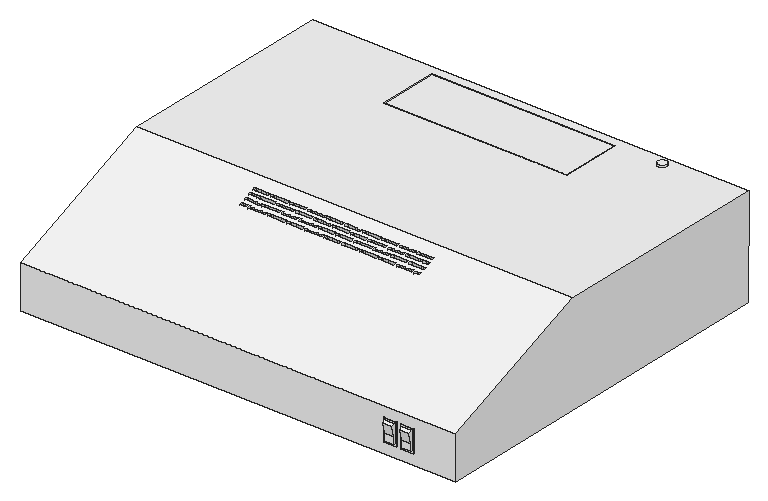
Revit family "QF_Summit_HC24WW_Under Cabinet Convertible Range Hood", category Specialty Equipment, Revit 2020
Family settings
  Round Connector Dimension = Use Diameter
  Part Type = Normal
  Work Plane-Based = No
  Always vertical = Yes
  Cut with Voids When Loaded = No
  Shared = No
  Room Calculation Point = No
Parameters
  Weight in Pounds = 12
  Watts = if(Phase = 3, Volts * FL Amps * 1.73, Volts * FL Amps)  # 195.5 W
  Volts = 115 V
  Ventilation Remarks = "3.25 inches x 10 inches rectangular or 0.86 inches round with transition"
  URL Cutsheet = ""
  Specification by User = ""
  Specification by Manufacturer = ""
  Serial Number = ""
  Seismic Rating = ""
  SMACNA No = ""
  Revision Code = ""
  Phase = 1
  Number of Poles = 1
  NAFEM Spec ID Number = ""
  Model = "HC24WW"
  Min Ckt Ampacity = 0 A
  Max Overcurrent Protection = 0 A
  Masterspec = ""
  Manufacturer = "Summit"
  MU Air Volume = 270 CFM
  MU Air Vent Width = 0"
  MU Air Vent Diameter = 0"
  MU Air Vent Depth = 0"
  MU Air Static Press = 0.00 in-wg
  MU Air RI Height = 0"
  Length = 23.88"
  Item Number = ""
  Installed By = ""
  Identify Quantity as Lot = yes
  Height = 5 1/2"
  HP = ""
  Furnished By = ""
  Foodservice Equipment Identifier = yes
  FL Amps = 1.7 A
  Exhaust Volume = 0 CFM
  Exhaust Vent Width = 0"
  Exhaust Vent Diameter = 0"
  Exhaust Vent Depth = 0"
  Exhaust Static Press = 0.00 in-wg
  Exhaust RI Height = 0"
  Electrical Remarks = ""
  Electric Connection Type = ""
  Elec Conn RI Height = 0"
  Elec Conn Connection Height = 0"
  Description = "Under Cabinet Convertible Range Hood"
  Depth = 20"
  Default Elevation = 0"
  Cycle = 60 Hz
  Conn Plug = ""
  Conn Conduit = yes
  CSI MasterFormat = ""
  Apparent Power = if(Phase = 3, Volts * FL Amps * 1.73, Volts * FL Amps)  # 195.5 VA
Reference planes (in)
  plane 1 "BACK": y = 0
  plane 2: z = 0
  plane 3 "LEFT": x = 0
  plane 4 "RIGHT": x = 23.88
  plane 5 "FRONT": y = -20
  plane 6 "TOP": z = 5.5
  plane 7 "Center Y": x = 11.94
  plane 8 "Center X": y = -10
  plane 9: z = 2.375
  plane 10: y = -12
  plane 11: x = 6.315
  plane 12: x = 17.565
  plane 13: x = 19.565
  plane 14: y = -14
  plane 15: x = 1.5
  plane 16: x = 22.38
  plane 17: z = 5.25339
  plane 18: z = 4.76922
  plane 19: y = -0.5
  plane 20: y = -3.75
  plane 21: y = -7.25
  plane 22: x = 6.94
  plane 23: x = 16.94
Forms (in)
  Extrusion 1, solid, material "QF_Plastic_White_Smooth"
    sketch origin (0, 0, 0) x (0, 1, 0) y (0, 0, 1)
      loop
        line (-20, 2.375) -> (-20, 0) -> (0, 0) -> (0, 5.5) -> (-12, 5.5) -> (-20, 2.375)
    from 0 to 1.5
  Extrusion 2, solid, material "QF_Plastic_White_Smooth"
    sketch origin (0, 0, 0) x (0, 1, 0) y (0, 0, 1)
      loop
        line (0, 5.5) -> (-12, 5.5) -> (-20, 2.375) -> (-20, 0) -> (-14, 0) -> (-14, 4.18196) -> (-10.81598, 5.42572) -> (-0.5, 5.42572) -> (-0.5, 0) -> (0, 0) -> (0, 5.5)
    from 0 to 23.88
  Extrusion 3, solid, material "QF_Plastic_White_Smooth"
    sketch origin (23.88, 0, 0) x (0, 1, 0) y (0, 0, -1)
      loop
        line (-20, -2.375) -> (-12, -5.5) -> (0, -5.5) -> (0, 0) -> (-20, 0) -> (-20, -2.375)
    from 0 to 1.5
  Extrusion 4, void
    sketch origin (0, -20, 2.375) x (0, -0.931457, -0.363851) y (-1, 0, 0)
      loop
        line (-7.90626, -7.01362) -> (-7.90626, -7.76633)
        arc (-7.90626, -7.76633) -> (-7.83306, -7.83953) -> (-7.75986, -7.76633) r 0.0732
        line (-7.75986, -7.76633) -> (-7.75986, -7.01362)
        arc (-7.75986, -7.01362) -> (-7.83306, -6.94042) -> (-7.90626, -7.01362) r 0.0732
      loop
        line (-7.59983, -7.01362) -> (-7.59983, -7.24289)
        arc (-7.59983, -7.24289) -> (-7.52663, -7.31609) -> (-7.45343, -7.24289) r 0.0732
        line (-7.45343, -7.24289) -> (-7.45343, -7.01362)
        arc (-7.45343, -7.01362) -> (-7.52663, -6.94042) -> (-7.59983, -7.01362) r 0.0732
      loop
        line (-7.28302, -7.01362) -> (-7.28302, -7.76633)
        arc (-7.28302, -7.76633) -> (-7.20982, -7.83953) -> (-7.13663, -7.76633) r 0.0732
        line (-7.13663, -7.76633) -> (-7.13663, -7.01362)
        arc (-7.13663, -7.01362) -> (-7.20982, -6.94042) -> (-7.28302, -7.01362) r 0.0732
      loop
        line (-6.9465, -7.01362) -> (-6.9465, -7.24289)
        arc (-6.9465, -7.24289) -> (-6.8733, -7.31609) -> (-6.8001, -7.24289) r 0.0732
        line (-6.8001, -7.24289) -> (-6.8001, -7.01362)
        arc (-6.8001, -7.01362) -> (-6.8733, -6.94042) -> (-6.9465, -7.01362) r 0.0732
      loop
        line (-7.90626, -7.96555) -> (-7.90626, -8.82763)
        arc (-7.90626, -8.82763) -> (-7.83306, -8.90083) -> (-7.75986, -8.82763) r 0.0732
        line (-7.75986, -8.82763) -> (-7.75986, -7.96555)
        arc (-7.75986, -7.96555) -> (-7.83306, -7.89235) -> (-7.90626, -7.96555) r 0.0732
      loop
        line (-7.28302, -7.96555) -> (-7.28302, -8.82763)
        arc (-7.28302, -8.82763) -> (-7.20982, -8.90083) -> (-7.13663, -8.82763) r 0.0732
        line (-7.13663, -8.82763) -> (-7.13663, -7.96555)
        arc (-7.13663, -7.96555) -> (-7.20982, -7.89235) -> (-7.28302, -7.96555) r 0.0732
      loop
        line (-7.59983, -7.44954) -> (-7.59983, -8.31162)
        arc (-7.59983, -8.31162) -> (-7.52663, -8.38482) -> (-7.45343, -8.31162) r 0.0732
        line (-7.45343, -8.31162) -> (-7.45343, -7.44954)
        arc (-7.45343, -7.44954) -> (-7.52663, -7.37634) -> (-7.59983, -7.44954) r 0.0732
      loop
        line (-6.94931, -7.44954) -> (-6.94931, -8.31162)
        arc (-6.94931, -8.31162) -> (-6.87611, -8.38482) -> (-6.80291, -8.31162) r 0.0732
        line (-6.80291, -8.31162) -> (-6.80291, -7.44954)
        arc (-6.80291, -7.44954) -> (-6.87611, -7.37634) -> (-6.94931, -7.44954) r 0.0732
      loop
        line (-7.90626, -9.02338) -> (-7.90626, -9.77608)
        arc (-7.90626, -9.77608) -> (-7.83306, -9.84928) -> (-7.75986, -9.77608) r 0.0732
        line (-7.75986, -9.77608) -> (-7.75986, -9.02338)
        arc (-7.75986, -9.02338) -> (-7.83306, -8.95018) -> (-7.90626, -9.02338) r 0.0732
      loop
        line (-7.28302, -9.02338) -> (-7.28302, -9.77608)
        arc (-7.28302, -9.77608) -> (-7.20982, -9.84928) -> (-7.13663, -9.77608) r 0.0732
        line (-7.13663, -9.77608) -> (-7.13663, -9.02338)
        arc (-7.13663, -9.02338) -> (-7.20982, -8.95018) -> (-7.28302, -9.02338) r 0.0732
      loop
        line (-7.59983, -8.50736) -> (-7.59983, -9.36945)
        arc (-7.59983, -9.36945) -> (-7.52663, -9.44265) -> (-7.45343, -9.36945) r 0.0732
        line (-7.45343, -9.36945) -> (-7.45343, -8.50736)
        arc (-7.45343, -8.50736) -> (-7.52663, -8.43417) -> (-7.59983, -8.50736) r 0.0732
      loop
        line (-6.94931, -8.50736) -> (-6.94931, -9.36945)
        arc (-6.94931, -9.36945) -> (-6.87611, -9.44265) -> (-6.80291, -9.36945) r 0.0732
        line (-6.80291, -9.36945) -> (-6.80291, -8.50736)
        arc (-6.80291, -8.50736) -> (-6.87611, -8.43417) -> (-6.94931, -8.50736) r 0.0732
      loop
        line (-7.90626, -9.9968) -> (-7.90626, -10.85888)
        arc (-7.90626, -10.85888) -> (-7.83306, -10.93208) -> (-7.75986, -10.85888) r 0.0732
        line (-7.75986, -10.85888) -> (-7.75986, -9.9968)
        arc (-7.75986, -9.9968) -> (-7.83306, -9.9236) -> (-7.90626, -9.9968) r 0.0732
      loop
        line (-7.28302, -9.9968) -> (-7.28302, -10.85888)
        arc (-7.28302, -10.85888) -> (-7.20982, -10.93208) -> (-7.13663, -10.85888) r 0.0732
        line (-7.13663, -10.85888) -> (-7.13663, -9.9968)
        arc (-7.13663, -9.9968) -> (-7.20982, -9.9236) -> (-7.28302, -9.9968) r 0.0732
      loop
        line (-7.59983, -9.57454) -> (-7.59983, -10.34287)
        arc (-7.59983, -10.34287) -> (-7.52663, -10.41607) -> (-7.45343, -10.34287) r 0.0732
        line (-7.45343, -10.34287) -> (-7.45343, -9.57454)
        arc (-7.45343, -9.57454) -> (-7.52663, -9.50134) -> (-7.59983, -9.57454) r 0.0732
      loop
        line (-6.94931, -9.57454) -> (-6.94931, -10.34287)
        arc (-6.94931, -10.34287) -> (-6.87611, -10.41607) -> (-6.80291, -10.34287) r 0.0732
        line (-6.80291, -10.34287) -> (-6.80291, -9.57454)
        arc (-6.80291, -9.57454) -> (-6.87611, -9.50134) -> (-6.94931, -9.57454) r 0.0732
      loop
        line (-7.90626, -11.05463) -> (-7.90626, -11.80733)
        arc (-7.90626, -11.80733) -> (-7.83306, -11.88053) -> (-7.75986, -11.80733) r 0.0732
        line (-7.75986, -11.80733) -> (-7.75986, -11.05463)
        arc (-7.75986, -11.05463) -> (-7.83306, -10.98143) -> (-7.90626, -11.05463) r 0.0732
      loop
        line (-7.28302, -11.05463) -> (-7.28302, -11.80733)
        arc (-7.28302, -11.80733) -> (-7.20982, -11.88053) -> (-7.13663, -11.80733) r 0.0732
        line (-7.13663, -11.80733) -> (-7.13663, -11.05463)
        arc (-7.13663, -11.05463) -> (-7.20982, -10.98143) -> (-7.28302, -11.05463) r 0.0732
      loop
        line (-7.59983, -10.53861) -> (-7.59983, -11.4007)
        arc (-7.59983, -11.4007) -> (-7.52663, -11.4739) -> (-7.45343, -11.4007) r 0.0732
        line (-7.45343, -11.4007) -> (-7.45343, -10.53861)
        arc (-7.45343, -10.53861) -> (-7.52663, -10.46542) -> (-7.59983, -10.53861) r 0.0732
      loop
        line (-6.94931, -10.53861) -> (-6.94931, -11.4007)
        arc (-6.94931, -11.4007) -> (-6.87611, -11.4739) -> (-6.80291, -11.4007) r 0.0732
        line (-6.80291, -11.4007) -> (-6.80291, -10.53861)
        arc (-6.80291, -10.53861) -> (-6.87611, -10.46542) -> (-6.94931, -10.53861) r 0.0732
      loop
        line (-7.90626, -12.02338) -> (-7.90626, -12.77608)
        arc (-7.90626, -12.77608) -> (-7.83306, -12.84928) -> (-7.75986, -12.77608) r 0.0732
        line (-7.75986, -12.77608) -> (-7.75986, -12.02338)
        arc (-7.75986, -12.02338) -> (-7.83306, -11.95018) -> (-7.90626, -12.02338) r 0.0732
      loop
        line (-7.28302, -12.02338) -> (-7.28302, -12.77608)
        arc (-7.28302, -12.77608) -> (-7.20982, -12.84928) -> (-7.13663, -12.77608) r 0.0732
        line (-7.13663, -12.77608) -> (-7.13663, -12.02338)
        arc (-7.13663, -12.02338) -> (-7.20982, -11.95018) -> (-7.28302, -12.02338) r 0.0732
      loop
        line (-7.59983, -11.61674) -> (-7.59983, -12.36945)
        arc (-7.59983, -12.36945) -> (-7.52663, -12.44265) -> (-7.45343, -12.36945) r 0.0732
        line (-7.45343, -12.36945) -> (-7.45343, -11.61674)
        arc (-7.45343, -11.61674) -> (-7.52663, -11.54354) -> (-7.59983, -11.61674) r 0.0732
      loop
        line (-6.94931, -11.61674) -> (-6.94931, -12.36945)
        arc (-6.94931, -12.36945) -> (-6.87611, -12.44265) -> (-6.80291, -12.36945) r 0.0732
        line (-6.80291, -12.36945) -> (-6.80291, -11.61674)
        arc (-6.80291, -11.61674) -> (-6.87611, -11.54354) -> (-6.94931, -11.61674) r 0.0732
      loop
        line (-7.90626, -12.9968) -> (-7.90626, -13.85888)
        arc (-7.90626, -13.85888) -> (-7.83306, -13.93208) -> (-7.75986, -13.85888) r 0.0732
        line (-7.75986, -13.85888) -> (-7.75986, -12.9968)
        arc (-7.75986, -12.9968) -> (-7.83306, -12.9236) -> (-7.90626, -12.9968) r 0.0732
      loop
        line (-7.28302, -12.9968) -> (-7.28302, -13.85888)
        arc (-7.28302, -13.85888) -> (-7.20982, -13.93208) -> (-7.13663, -13.85888) r 0.0732
        line (-7.13663, -13.85888) -> (-7.13663, -12.9968)
        arc (-7.13663, -12.9968) -> (-7.20982, -12.9236) -> (-7.28302, -12.9968) r 0.0732
      loop
        line (-7.59983, -12.57454) -> (-7.59983, -13.34287)
        arc (-7.59983, -13.34287) -> (-7.52663, -13.41607) -> (-7.45343, -13.34287) r 0.0732
        line (-7.45343, -13.34287) -> (-7.45343, -12.57454)
        arc (-7.45343, -12.57454) -> (-7.52663, -12.50134) -> (-7.59983, -12.57454) r 0.0732
      loop
        line (-6.94931, -12.57454) -> (-6.94931, -13.34287)
        arc (-6.94931, -13.34287) -> (-6.87611, -13.41607) -> (-6.80291, -13.34287) r 0.0732
        line (-6.80291, -13.34287) -> (-6.80291, -12.57454)
        arc (-6.80291, -12.57454) -> (-6.87611, -12.50134) -> (-6.94931, -12.57454) r 0.0732
      loop
        line (-7.90626, -14.05463) -> (-7.90626, -14.80733)
        arc (-7.90626, -14.80733) -> (-7.83306, -14.88053) -> (-7.75986, -14.80733) r 0.0732
        line (-7.75986, -14.80733) -> (-7.75986, -14.05463)
        arc (-7.75986, -14.05463) -> (-7.83306, -13.98143) -> (-7.90626, -14.05463) r 0.0732
      loop
        line (-7.28302, -14.05463) -> (-7.28302, -14.80733)
        arc (-7.28302, -14.80733) -> (-7.20982, -14.88053) -> (-7.13663, -14.80733) r 0.0732
        line (-7.13663, -14.80733) -> (-7.13663, -14.05463)
        arc (-7.13663, -14.05463) -> (-7.20982, -13.98143) -> (-7.28302, -14.05463) r 0.0732
      loop
        line (-7.59983, -13.53861) -> (-7.59983, -14.4007)
        arc (-7.59983, -14.4007) -> (-7.52663, -14.4739) -> (-7.45343, -14.4007) r 0.0732
        line (-7.45343, -14.4007) -> (-7.45343, -13.53861)
        arc (-7.45343, -13.53861) -> (-7.52663, -13.46542) -> (-7.59983, -13.53861) r 0.0732
      loop
        line (-6.94931, -13.53861) -> (-6.94931, -14.4007)
        arc (-6.94931, -14.4007) -> (-6.87611, -14.4739) -> (-6.80291, -14.4007) r 0.0732
        line (-6.80291, -14.4007) -> (-6.80291, -13.53861)
        arc (-6.80291, -13.53861) -> (-6.87611, -13.46542) -> (-6.94931, -13.53861) r 0.0732
      loop
        line (-7.90626, -15.02338) -> (-7.90626, -15.77608)
        arc (-7.90626, -15.77608) -> (-7.83306, -15.84928) -> (-7.75986, -15.77608) r 0.0732
        line (-7.75986, -15.77608) -> (-7.75986, -15.02338)
        arc (-7.75986, -15.02338) -> (-7.83306, -14.95018) -> (-7.90626, -15.02338) r 0.0732
      loop
        line (-7.28302, -15.02338) -> (-7.28302, -15.77608)
        arc (-7.28302, -15.77608) -> (-7.20982, -15.84928) -> (-7.13663, -15.77608) r 0.0732
        line (-7.13663, -15.77608) -> (-7.13663, -15.02338)
        arc (-7.13663, -15.02338) -> (-7.20982, -14.95018) -> (-7.28302, -15.02338) r 0.0732
      loop
        line (-7.59983, -14.62665) -> (-7.59983, -15.36945)
        arc (-7.59983, -15.36945) -> (-7.52663, -15.44265) -> (-7.45343, -15.36945) r 0.0732
        line (-7.45343, -15.36945) -> (-7.45343, -14.62665)
        arc (-7.45343, -14.62665) -> (-7.52663, -14.55345) -> (-7.59983, -14.62665) r 0.0732
      loop
        line (-6.94931, -14.6001) -> (-6.94931, -15.36945)
        arc (-6.94931, -15.36945) -> (-6.87611, -15.44265) -> (-6.80291, -15.36945) r 0.0732
        line (-6.80291, -15.36945) -> (-6.80291, -14.6001)
        arc (-6.80291, -14.6001) -> (-6.87611, -14.5269) -> (-6.94931, -14.6001) r 0.0732
      loop
        line (-7.59983, -15.57454) -> (-7.59983, -16.34287)
        arc (-7.59983, -16.34287) -> (-7.52663, -16.41607) -> (-7.45343, -16.34287) r 0.0732
        line (-7.45343, -16.34287) -> (-7.45343, -15.57454)
        arc (-7.45343, -15.57454) -> (-7.52663, -15.50134) -> (-7.59983, -15.57454) r 0.0732
      loop
        line (-6.94931, -15.57454) -> (-6.94931, -16.34287)
        arc (-6.94931, -16.34287) -> (-6.87611, -16.41607) -> (-6.80291, -16.34287) r 0.0732
        line (-6.80291, -16.34287) -> (-6.80291, -15.57454)
        arc (-6.80291, -15.57454) -> (-6.87611, -15.50134) -> (-6.94931, -15.57454) r 0.0732
      loop
        line (-7.90626, -15.99213) -> (-7.90626, -16.74483)
        arc (-7.90626, -16.74483) -> (-7.83306, -16.81803) -> (-7.75986, -16.74483) r 0.0732
        line (-7.75986, -16.74483) -> (-7.75986, -15.99213)
        arc (-7.75986, -15.99213) -> (-7.83306, -15.91893) -> (-7.90626, -15.99213) r 0.0732
      loop
        line (-7.28302, -15.99213) -> (-7.28302, -16.74483)
        arc (-7.28302, -16.74483) -> (-7.20982, -16.81803) -> (-7.13663, -16.74483) r 0.0732
        line (-7.13663, -16.74483) -> (-7.13663, -15.99213)
        arc (-7.13663, -15.99213) -> (-7.20982, -15.91893) -> (-7.28302, -15.99213) r 0.0732
      loop
        line (-7.59983, -16.54576) -> (-7.59983, -16.75159)
        arc (-7.59983, -16.75159) -> (-7.52663, -16.82479) -> (-7.45343, -16.75159) r 0.0732
        line (-7.45343, -16.75159) -> (-7.45343, -16.54576)
        arc (-7.45343, -16.54576) -> (-7.52663, -16.47256) -> (-7.59983, -16.54576) r 0.0732
      loop
        line (-6.94931, -16.54576) -> (-6.94931, -16.75159)
        arc (-6.94931, -16.75159) -> (-6.87611, -16.82479) -> (-6.80291, -16.75159) r 0.0732
        line (-6.80291, -16.75159) -> (-6.80291, -16.54576)
        arc (-6.80291, -16.54576) -> (-6.87611, -16.47256) -> (-6.94931, -16.54576) r 0.0732
    from 0 to 0.5
  Extrusion 5, solid, material "QF_Plastic_White_Smooth"
    sketch origin (0, 0, 0) x (1, 0, 0) y (0, 1, 0)
      loop
        arc (8.44, -3.75) -> (11.94, -7.25) -> (15.44, -3.75) r 3.5
        line (15.44, -3.75) -> (8.44, -3.75)
    from 2.375 to 5.42572
  Extrusion 6, solid, material "QF_Plastic_White_Smooth"
    sketch origin (0, 0, 0) x (1, 0, 0) y (0, 1, 0)
      loop
        line (6.94, -0.5) -> (6.94, -3.75) -> (16.94, -3.75) -> (16.94, -0.5) -> (6.94, -0.5)
      loop
        line (7.19, -3.5) -> (16.69, -3.5) -> (16.69, -0.75) -> (7.19, -0.75) -> (7.19, -3.5)
    from 2.375 to 5.42572
  Extrusion 7, solid, material "QF_Plastic_White_Smooth"
    sketch origin (0, 0, 0) x (1, 0, 0) y (0, 1, 0)
      loop
        line (6.315, -0.5) -> (6.315, -14) -> (17.565, -14) -> (17.565, -0.5) -> (6.315, -0.5)
      loop
        line (6.565, -13.75) -> (17.315, -13.75) -> (17.315, -0.75) -> (6.565, -0.75) -> (6.565, -13.75)
    from 2.375 to 5
  Extrusion 8, void
    sketch origin (23.88, 0, 0) x (0, -1, 0) y (0, 0, 1)
      loop
        line (10.81598, 5.42572) -> (14, 4.18196) -> (14.15581, 4.18196) -> (14.15581, 5.58943) -> (10.81598, 5.58943) -> (10.81598, 5.42572)
    from 6.315 to 17.565
  Extrusion 9, void
    sketch origin (0, 0, 2.375) x (1, 0, 0) y (0, 1, 0)
      loop
        line (16.94, -3.75) -> (16.94, -0.5) -> (6.94, -0.5) -> (6.94, -3.75) -> (16.94, -3.75)
    from 3.05072 to 3.125
  Extrusion 10, solid, material "QF_Plastic_White_Smooth"
    sketch origin (0, -12, 5.5) x (0, 1, 0) y (-1, 0, 0)
      loop
        line (8.25, -6.94) -> (8.25, -16.94) -> (11.5, -16.94) -> (11.5, -6.94) -> (8.25, -6.94)
    from 0 to -0.07428
  Extrusion 11, solid, material "QF_Plastic_White_Smooth"
    sketch origin (0, 0, 0) x (1, 0, 0) y (0, 1, 0)
      loop
        circle (19.565, -0.5) r 0.25
    from 5.5 to 5.57173
  Extrusion 12, solid, material "QF_Plastic_White_Smooth"
    sketch origin (0, -20, 0) x (0, 0, 1) y (-1, 0, 0)
      loop
        line (1.78125, -21.57157) -> (1.78125, -20.86312) -> (0.59375, -20.86312) -> (0.59375, -21.57157) -> (1.78125, -21.57157)
      loop
        line (1.78125, -20.63407) -> (1.78125, -19.92562) -> (0.59375, -19.92562) -> (0.59375, -20.63407) -> (1.78125, -20.63407)
    from 0 to 0.04539
  Extrusion 13, solid, material "QF_Plastic_White_Smooth"
    sketch origin (24.70813, 0, 0) x (0, 1, 0) y (0, 0, 1)
      loop
        line (-20.04539, 1.70684) -> (-20.22258, 1.62421) -> (-20.09635, 1.07743) -> (-20.09635, 0.69669) -> (-20.04539, 0.69669) -> (-20.04539, 1.70684)
    from -3.74849 to -3.22316
  Extrusion 14, solid, material "QF_Plastic_White_Smooth"
    sketch origin (23.77062, 0, 0) x (0, 1, 0) y (0, 0, 1)
      loop
        line (-20.04539, 1.70684) -> (-20.22258, 1.62421) -> (-20.09635, 1.07743) -> (-20.09635, 0.69669) -> (-20.04539, 0.69669) -> (-20.04539, 1.70684)
    from -3.74849 to -3.22316
Cuts and joins
  Extrusion 4, Extrusion 8, Extrusion 9 cuts Extrusion 1
  Extrusion 4, Extrusion 9 cuts Extrusion 2
  Extrusion 4, Extrusion 8, Extrusion 9 cuts Extrusion 3
  Extrusion 9 cuts Extrusion 6
  Extrusion 8, Extrusion 9 cuts Extrusion 7
  joined: Extrusion 1, Extrusion 2, Extrusion 3, Extrusion 5, Extrusion 6, Extrusion 7
Lines and regions (in)
  symbolic lines
    curve 1: line (0, 0, 0) -> (0, -20, 0)
    curve 2: line (0, -12, 0) -> (23.88, -12, 0)
    curve 3: line (23.88, -20, 0) -> (23.88, 0, 0)
    curve 4: line (23.88, 0, 0) -> (0, 0, 0)
    curve 5: line (0, -20, 0) -> (23.88, -20, 0)
    curve 6: line (7.01362, -12.63566, 0) -> (7.76633, -12.63566, 0)
    curve 7: spline (7.76633, -12.63566, 0) -> (7.78527, -12.63798, 0) -> (7.80293, -12.6448, 0) -> (7.81809, -12.65563, 0) -> (7.82972, -12.66975, 0) -> (7.83703, -12.6862, 0) -> (7.83953, -12.70384, 0) -> (7.83703, -12.72149, 0) -> (7.82972, -12.73793, 0) -> (7.81809, -12.75205, 0) -> (7.80293, -12.76289, 0) -> (7.78527, -12.7697, 0) -> (7.76633, -12.77202, 0)
    curve 8: line (7.76633, -12.77202, 0) -> (7.01362, -12.77202, 0)
    curve 9: spline (7.01362, -12.77202, 0) -> (6.99468, -12.7697, 0) -> (6.97702, -12.76289, 0) -> (6.96186, -12.75205, 0) -> (6.95023, -12.73793, 0) -> (6.94292, -12.72149, 0) -> (6.94042, -12.70384, 0) -> (6.94292, -12.6862, 0) -> (6.95023, -12.66975, 0) -> (6.96186, -12.65563, 0) -> (6.97702, -12.6448, 0) -> (6.99468, -12.63798, 0) -> (7.01362, -12.63566, 0)
    curve 10: spline (7.24289, -12.92108, 0) -> (7.26184, -12.9234, 0) -> (7.27949, -12.93022, 0) -> (7.29465, -12.94105, 0) -> (7.30628, -12.95517, 0) -> (7.3136, -12.97162, 0) -> (7.31609, -12.98926, 0) -> (7.3136, -13.00691, 0) -> (7.30628, -13.02335, 0) -> (7.29465, -13.03747, 0) -> (7.27949, -13.04831, 0) -> (7.26184, -13.05512, 0) -> (7.24289, -13.05744, 0)
    curve 11: line (7.24289, -13.05744, 0) -> (7.01362, -13.05744, 0)
    curve 12: spline (7.01362, -13.05744, 0) -> (6.99468, -13.05512, 0) -> (6.97702, -13.04831, 0) -> (6.96186, -13.03747, 0) -> (6.95023, -13.02335, 0) -> (6.94292, -13.00691, 0) -> (6.94042, -12.98926, 0) -> (6.94292, -12.97162, 0) -> (6.95023, -12.95517, 0) -> (6.96186, -12.94105, 0) -> (6.97702, -12.93022, 0) -> (6.99468, -12.9234, 0) -> (7.01362, -12.92108, 0)
    curve 13: line (7.01362, -12.92108, 0) -> (7.24289, -12.92108, 0)
    curve 14: line (7.01362, -13.21617, 0) -> (7.76633, -13.21617, 0)
    curve 15: spline (7.76633, -13.21617, 0) -> (7.78527, -13.2185, 0) -> (7.80293, -13.22531, 0) -> (7.81809, -13.23614, 0) -> (7.82972, -13.25027, 0) -> (7.83703, -13.26671, 0) -> (7.83953, -13.28436, 0) -> (7.83703, -13.302, 0) -> (7.82972, -13.31845, 0) -> (7.81809, -13.33257, 0) -> (7.80293, -13.3434, 0) -> (7.78527, -13.35021, 0) -> (7.76633, -13.35254, 0)
    curve 16: line (7.76633, -13.35254, 0) -> (7.01362, -13.35254, 0)
    curve 17: spline (7.01362, -13.35254, 0) -> (6.99468, -13.35021, 0) -> (6.97702, -13.3434, 0) -> (6.96186, -13.33257, 0) -> (6.95023, -13.31845, 0) -> (6.94292, -13.302, 0) -> (6.94042, -13.28436, 0) -> (6.94292, -13.26671, 0) -> (6.95023, -13.25027, 0) -> (6.96186, -13.23614, 0) -> (6.97702, -13.22531, 0) -> (6.99468, -13.2185, 0) -> (7.01362, -13.21617, 0)
    curve 18: spline (7.24289, -13.52963, 0) -> (7.26184, -13.53196, 0) -> (7.27949, -13.53877, 0) -> (7.29465, -13.5496, 0) -> (7.30628, -13.56372, 0) -> (7.3136, -13.58017, 0) -> (7.31609, -13.59781, 0) -> (7.3136, -13.61546, 0) -> (7.30628, -13.6319, 0) -> (7.29465, -13.64603, 0) -> (7.27949, -13.65686, 0) -> (7.26184, -13.66367, 0) -> (7.24289, -13.666, 0)
    curve 19: line (7.24289, -13.666, 0) -> (7.01362, -13.666, 0)
    curve 20: spline (7.01362, -13.666, 0) -> (6.99468, -13.66367, 0) -> (6.97702, -13.65686, 0) -> (6.96186, -13.64603, 0) -> (6.95023, -13.6319, 0) -> (6.94292, -13.61546, 0) -> (6.94042, -13.59781, 0) -> (6.94292, -13.58017, 0) -> (6.95023, -13.56372, 0) -> (6.96186, -13.5496, 0) -> (6.97702, -13.53877, 0) -> (6.99468, -13.53196, 0) -> (7.01362, -13.52963, 0)
    curve 21: line (7.01362, -13.52963, 0) -> (7.24289, -13.52963, 0)
    curve 22: line (7.44954, -13.52702, 0) -> (8.31162, -13.52702, 0)
    curve 23: spline (8.31162, -13.52702, 0) -> (8.33056, -13.52934, 0) -> (8.34822, -13.53615, 0) -> (8.36338, -13.54699, 0) -> (8.37501, -13.56111, 0) -> (8.38232, -13.57755, 0) -> (8.38482, -13.5952, 0) -> (8.38232, -13.61285, 0) -> (8.37501, -13.62929, 0) -> (8.36338, -13.64341, 0) -> (8.34822, -13.65425, 0) -> (8.33056, -13.66106, 0) -> (8.31162, -13.66338, 0)
    curve 24: line (8.31162, -13.66338, 0) -> (7.44954, -13.66338, 0)
    curve 25: spline (7.44954, -13.66338, 0) -> (7.43059, -13.66106, 0) -> (7.41294, -13.65425, 0) -> (7.39778, -13.64341, 0) -> (7.38614, -13.62929, 0) -> (7.37883, -13.61285, 0) -> (7.37634, -13.5952, 0) -> (7.37883, -13.57755, 0) -> (7.38614, -13.56111, 0) -> (7.39778, -13.54699, 0) -> (7.41294, -13.53615, 0) -> (7.43059, -13.52934, 0) -> (7.44954, -13.52702, 0)
    curve 26: line (8.31162, -13.05744, 0) -> (7.44954, -13.05744, 0)
    curve 27: spline (7.44954, -13.05744, 0) -> (7.43059, -13.05512, 0) -> (7.41294, -13.04831, 0) -> (7.39778, -13.03747, 0) -> (7.38614, -13.02335, 0) -> (7.37883, -13.00691, 0) -> (7.37634, -12.98926, 0) -> (7.37883, -12.97162, 0) -> (7.38614, -12.95517, 0) -> (7.39778, -12.94105, 0) -> (7.41294, -12.93022, 0) -> (7.43059, -12.9234, 0) -> (7.44954, -12.92108, 0)
    curve 28: line (7.44954, -12.92108, 0) -> (8.31162, -12.92108, 0)
    curve 29: spline (8.31162, -12.92108, 0) -> (8.33056, -12.9234, 0) -> (8.34822, -12.93022, 0) -> (8.36338, -12.94105, 0) -> (8.37501, -12.95517, 0) -> (8.38232, -12.97162, 0) -> (8.38482, -12.98926, 0) -> (8.38232, -13.00691, 0) -> (8.37501, -13.02335, 0) -> (8.36338, -13.03747, 0) -> (8.34822, -13.04831, 0) -> (8.33056, -13.05512, 0) -> (8.31162, -13.05744, 0)
    curve 30: line (8.82763, -12.77202, 0) -> (7.96555, -12.77202, 0)
    curve 31: spline (7.96555, -12.77202, 0) -> (7.9466, -12.7697, 0) -> (7.92895, -12.76289, 0) -> (7.91379, -12.75205, 0) -> (7.90216, -12.73793, 0) -> (7.89484, -12.72149, 0) -> (7.89235, -12.70384, 0) -> (7.89484, -12.6862, 0) -> (7.90216, -12.66975, 0) -> (7.91379, -12.65563, 0) -> (7.92895, -12.6448, 0) -> (7.9466, -12.63798, 0) -> (7.96555, -12.63566, 0)
    curve 32: line (7.96555, -12.63566, 0) -> (8.82763, -12.63566, 0)
    curve 33: spline (8.82763, -12.63566, 0) -> (8.84657, -12.63798, 0) -> (8.86423, -12.6448, 0) -> (8.87939, -12.65563, 0) -> (8.89102, -12.66975, 0) -> (8.89833, -12.6862, 0) -> (8.90083, -12.70384, 0) -> (8.89833, -12.72149, 0) -> (8.89102, -12.73793, 0) -> (8.87939, -12.75205, 0) -> (8.86423, -12.76289, 0) -> (8.84657, -12.7697, 0) -> (8.82763, -12.77202, 0)
    curve 34: line (8.50736, -12.92108, 0) -> (9.36945, -12.92108, 0)
    curve 35: spline (9.36945, -12.92108, 0) -> (9.38839, -12.9234, 0) -> (9.40605, -12.93022, 0) -> (9.42121, -12.94105, 0) -> (9.43284, -12.95517, 0) -> (9.44015, -12.97162, 0) -> (9.44265, -12.98926, 0) -> (9.44015, -13.00691, 0) -> (9.43284, -13.02335, 0) -> (9.42121, -13.03747, 0) -> (9.40605, -13.04831, 0) -> (9.38839, -13.05512, 0) -> (9.36945, -13.05744, 0)
    curve 36: line (9.36945, -13.05744, 0) -> (8.50736, -13.05744, 0)
    curve 37: spline (8.50736, -13.05744, 0) -> (8.48842, -13.05512, 0) -> (8.47076, -13.04831, 0) -> (8.4556, -13.03747, 0) -> (8.44397, -13.02335, 0) -> (8.43666, -13.00691, 0) -> (8.43417, -12.98926, 0) -> (8.43666, -12.97162, 0) -> (8.44397, -12.95517, 0) -> (8.4556, -12.94105, 0) -> (8.47076, -12.93022, 0) -> (8.48842, -12.9234, 0) -> (8.50736, -12.92108, 0)
    curve 38: line (7.96555, -13.21617, 0) -> (8.82763, -13.21617, 0)
    curve 39: spline (8.82763, -13.21617, 0) -> (8.84657, -13.2185, 0) -> (8.86423, -13.22531, 0) -> (8.87939, -13.23614, 0) -> (8.89102, -13.25027, 0) -> (8.89833, -13.26671, 0) -> (8.90083, -13.28436, 0) -> (8.89833, -13.302, 0) -> (8.89102, -13.31845, 0) -> (8.87939, -13.33257, 0) -> (8.86423, -13.3434, 0) -> (8.84657, -13.35021, 0) -> (8.82763, -13.35254, 0)
    curve 40: line (8.82763, -13.35254, 0) -> (7.96555, -13.35254, 0)
    curve 41: spline (7.96555, -13.35254, 0) -> (7.9466, -13.35021, 0) -> (7.92895, -13.3434, 0) -> (7.91379, -13.33257, 0) -> (7.90216, -13.31845, 0) -> (7.89484, -13.302, 0) -> (7.89235, -13.28436, 0) -> (7.89484, -13.26671, 0) -> (7.90216, -13.25027, 0) -> (7.91379, -13.23614, 0) -> (7.92895, -13.22531, 0) -> (7.9466, -13.2185, 0) -> (7.96555, -13.21617, 0)
    curve 42: line (8.50736, -13.52702, 0) -> (9.36945, -13.52702, 0)
    curve 43: spline (9.36945, -13.52702, 0) -> (9.38839, -13.52934, 0) -> (9.40605, -13.53615, 0) -> (9.42121, -13.54699, 0) -> (9.43284, -13.56111, 0) -> (9.44015, -13.57755, 0) -> (9.44265, -13.5952, 0) -> (9.44015, -13.61285, 0) -> (9.43284, -13.62929, 0) -> (9.42121, -13.64341, 0) -> (9.40605, -13.65425, 0) -> (9.38839, -13.66106, 0) -> (9.36945, -13.66338, 0)
    curve 44: line (9.36945, -13.66338, 0) -> (8.50736, -13.66338, 0)
    curve 45: spline (8.50736, -13.66338, 0) -> (8.48842, -13.66106, 0) -> (8.47076, -13.65425, 0) -> (8.4556, -13.64341, 0) -> (8.44397, -13.62929, 0) -> (8.43666, -13.61285, 0) -> (8.43417, -13.5952, 0) -> (8.43666, -13.57755, 0) -> (8.44397, -13.56111, 0) -> (8.4556, -13.54699, 0) -> (8.47076, -13.53615, 0) -> (8.48842, -13.52934, 0) -> (8.50736, -13.52702, 0)
    curve 46: line (9.02338, -13.21617, 0) -> (9.77608, -13.21617, 0)
    curve 47: spline (9.77608, -13.21617, 0) -> (9.79503, -13.2185, 0) -> (9.81268, -13.22531, 0) -> (9.82784, -13.23614, 0) -> (9.83948, -13.25027, 0) -> (9.84679, -13.26671, 0) -> (9.84928, -13.28436, 0) -> (9.84679, -13.302, 0) -> (9.83948, -13.31845, 0) -> (9.82784, -13.33257, 0) -> (9.81268, -13.3434, 0) -> (9.79503, -13.35021, 0) -> (9.77608, -13.35254, 0)
    curve 48: line (9.77608, -13.35254, 0) -> (9.02338, -13.35254, 0)
    curve 49: spline (9.02338, -13.35254, 0) -> (9.00443, -13.35021, 0) -> (8.98678, -13.3434, 0) -> (8.97162, -13.33257, 0) -> (8.95998, -13.31845, 0) -> (8.95267, -13.302, 0) -> (8.95018, -13.28436, 0) -> (8.95267, -13.26671, 0) -> (8.95998, -13.25027, 0) -> (8.97162, -13.23614, 0) -> (8.98678, -13.22531, 0) -> (9.00443, -13.2185, 0) -> (9.02338, -13.21617, 0)
    curve 50: line (9.77608, -12.77202, 0) -> (9.02338, -12.77202, 0)
    curve 51: spline (9.02338, -12.77202, 0) -> (9.00443, -12.7697, 0) -> (8.98678, -12.76289, 0) -> (8.97162, -12.75205, 0) -> (8.95998, -12.73793, 0) -> (8.95267, -12.72149, 0) -> (8.95018, -12.70384, 0) -> (8.95267, -12.6862, 0) -> (8.95998, -12.66975, 0) -> (8.97162, -12.65563, 0) -> (8.98678, -12.6448, 0) -> (9.00443, -12.63798, 0) -> (9.02338, -12.63566, 0)
    curve 52: line (9.02338, -12.63566, 0) -> (9.77608, -12.63566, 0)
    curve 53: spline (9.77608, -12.63566, 0) -> (9.79503, -12.63798, 0) -> (9.81268, -12.6448, 0) -> (9.82784, -12.65563, 0) -> (9.83948, -12.66975, 0) -> (9.84679, -12.6862, 0) -> (9.84928, -12.70384, 0) -> (9.84679, -12.72149, 0) -> (9.83948, -12.73793, 0) -> (9.82784, -12.75205, 0) -> (9.81268, -12.76289, 0) -> (9.79503, -12.7697, 0) -> (9.77608, -12.77202, 0)
    curve 54: line (9.57454, -13.52702, 0) -> (10.34287, -13.52702, 0)
    curve 55: spline (10.34287, -13.52702, 0) -> (10.36181, -13.52934, 0) -> (10.37947, -13.53615, 0) -> (10.39463, -13.54699, 0) -> (10.40626, -13.56111, 0) -> (10.41357, -13.57755, 0) -> (10.41607, -13.5952, 0) -> (10.41357, -13.61285, 0) -> (10.40626, -13.62929, 0) -> (10.39463, -13.64341, 0) -> (10.37947, -13.65425, 0) -> (10.36181, -13.66106, 0) -> (10.34287, -13.66338, 0)
    curve 56: line (10.34287, -13.66338, 0) -> (9.57454, -13.66338, 0)
    curve 57: spline (9.57454, -13.66338, 0) -> (9.55559, -13.66106, 0) -> (9.53794, -13.65425, 0) -> (9.52278, -13.64341, 0) -> (9.51114, -13.62929, 0) -> (9.50383, -13.61285, 0) -> (9.50134, -13.5952, 0) -> (9.50383, -13.57755, 0) -> (9.51114, -13.56111, 0) -> (9.52278, -13.54699, 0) -> (9.53794, -13.53615, 0) -> (9.55559, -13.52934, 0) -> (9.57454, -13.52702, 0)
    curve 58: line (10.34287, -13.05744, 0) -> (9.57454, -13.05744, 0)
    curve 59: spline (9.57454, -13.05744, 0) -> (9.55559, -13.05512, 0) -> (9.53794, -13.04831, 0) -> (9.52278, -13.03747, 0) -> (9.51114, -13.02335, 0) -> (9.50383, -13.00691, 0) -> (9.50134, -12.98926, 0) -> (9.50383, -12.97162, 0) -> (9.51114, -12.95517, 0) -> (9.52278, -12.94105, 0) -> (9.53794, -12.93022, 0) -> (9.55559, -12.9234, 0) -> (9.57454, -12.92108, 0)
    curve 60: line (9.57454, -12.92108, 0) -> (10.34287, -12.92108, 0)
    curve 61: spline (10.34287, -12.92108, 0) -> (10.36181, -12.9234, 0) -> (10.37947, -12.93022, 0) -> (10.39463, -12.94105, 0) -> (10.40626, -12.95517, 0) -> (10.41357, -12.97162, 0) -> (10.41607, -12.98926, 0) -> (10.41357, -13.00691, 0) -> (10.40626, -13.02335, 0) -> (10.39463, -13.03747, 0) -> (10.37947, -13.04831, 0) -> (10.36181, -13.05512, 0) -> (10.34287, -13.05744, 0)
    curve 62: line (10.85888, -12.77202, 0) -> (9.9968, -12.77202, 0)
    curve 63: spline (9.9968, -12.77202, 0) -> (9.97785, -12.7697, 0) -> (9.9602, -12.76289, 0) -> (9.94504, -12.75205, 0) -> (9.93341, -12.73793, 0) -> (9.92609, -12.72149, 0) -> (9.9236, -12.70384, 0) -> (9.92609, -12.6862, 0) -> (9.93341, -12.66975, 0) -> (9.94504, -12.65563, 0) -> (9.9602, -12.6448, 0) -> (9.97785, -12.63798, 0) -> (9.9968, -12.63566, 0)
    curve 64: line (9.9968, -12.63566, 0) -> (10.85888, -12.63566, 0)
    curve 65: spline (10.85888, -12.63566, 0) -> (10.87782, -12.63798, 0) -> (10.89548, -12.6448, 0) -> (10.91064, -12.65563, 0) -> (10.92227, -12.66975, 0) -> (10.92958, -12.6862, 0) -> (10.93208, -12.70384, 0) -> (10.92958, -12.72149, 0) -> (10.92227, -12.73793, 0) -> (10.91064, -12.75205, 0) -> (10.89548, -12.76289, 0) -> (10.87782, -12.7697, 0) -> (10.85888, -12.77202, 0)
    curve 66: line (9.9968, -13.21617, 0) -> (10.85888, -13.21617, 0)
    curve 67: spline (10.85888, -13.21617, 0) -> (10.87782, -13.2185, 0) -> (10.89548, -13.22531, 0) -> (10.91064, -13.23614, 0) -> (10.92227, -13.25027, 0) -> (10.92958, -13.26671, 0) -> (10.93208, -13.28436, 0) -> (10.92958, -13.302, 0) -> (10.92227, -13.31845, 0) -> (10.91064, -13.33257, 0) -> (10.89548, -13.3434, 0) -> (10.87782, -13.35021, 0) -> (10.85888, -13.35254, 0)
    curve 68: line (10.85888, -13.35254, 0) -> (9.9968, -13.35254, 0)
    curve 69: spline (9.9968, -13.35254, 0) -> (9.97785, -13.35021, 0) -> (9.9602, -13.3434, 0) -> (9.94504, -13.33257, 0) -> (9.93341, -13.31845, 0) -> (9.92609, -13.302, 0) -> (9.9236, -13.28436, 0) -> (9.92609, -13.26671, 0) -> (9.93341, -13.25027, 0) -> (9.94504, -13.23614, 0) -> (9.9602, -13.22531, 0) -> (9.97785, -13.2185, 0) -> (9.9968, -13.21617, 0)
    curve 70: line (10.53861, -12.92108, 0) -> (11.4007, -12.92108, 0)
    curve 71: spline (11.4007, -12.92108, 0) -> (11.41964, -12.9234, 0) -> (11.4373, -12.93022, 0) -> (11.45246, -12.94105, 0) -> (11.46409, -12.95517, 0) -> (11.4714, -12.97162, 0) -> (11.4739, -12.98926, 0) -> (11.4714, -13.00691, 0) -> (11.46409, -13.02335, 0) -> (11.45246, -13.03747, 0) -> (11.4373, -13.04831, 0) -> (11.41964, -13.05512, 0) -> (11.4007, -13.05744, 0)
    curve 72: line (11.4007, -13.05744, 0) -> (10.53861, -13.05744, 0)
    curve 73: spline (10.53861, -13.05744, 0) -> (10.51967, -13.05512, 0) -> (10.50201, -13.04831, 0) -> (10.48685, -13.03747, 0) -> (10.47522, -13.02335, 0) -> (10.46791, -13.00691, 0) -> (10.46542, -12.98926, 0) -> (10.46791, -12.97162, 0) -> (10.47522, -12.95517, 0) -> (10.48685, -12.94105, 0) -> (10.50201, -12.93022, 0) -> (10.51967, -12.9234, 0) -> (10.53861, -12.92108, 0)
    curve 74: line (11.80733, -12.77202, 0) -> (11.05463, -12.77202, 0)
    curve 75: spline (11.05463, -12.77202, 0) -> (11.03568, -12.7697, 0) -> (11.01803, -12.76289, 0) -> (11.00287, -12.75205, 0) -> (10.99123, -12.73793, 0) -> (10.98392, -12.72149, 0) -> (10.98143, -12.70384, 0) -> (10.98392, -12.6862, 0) -> (10.99123, -12.66975, 0) -> (11.00287, -12.65563, 0) -> (11.01803, -12.6448, 0) -> (11.03568, -12.63798, 0) -> (11.05463, -12.63566, 0)
    curve 76: line (11.05463, -12.63566, 0) -> (11.80733, -12.63566, 0)
    curve 77: spline (11.80733, -12.63566, 0) -> (11.82628, -12.63798, 0) -> (11.84393, -12.6448, 0) -> (11.85909, -12.65563, 0) -> (11.87073, -12.66975, 0) -> (11.87804, -12.6862, 0) -> (11.88053, -12.70384, 0) -> (11.87804, -12.72149, 0) -> (11.87073, -12.73793, 0) -> (11.85909, -12.75205, 0) -> (11.84393, -12.76289, 0) -> (11.82628, -12.7697, 0) -> (11.80733, -12.77202, 0)
    curve 78: line (11.05463, -13.21617, 0) -> (11.80733, -13.21617, 0)
    curve 79: spline (11.80733, -13.21617, 0) -> (11.82628, -13.2185, 0) -> (11.84393, -13.22531, 0) -> (11.85909, -13.23614, 0) -> (11.87073, -13.25027, 0) -> (11.87804, -13.26671, 0) -> (11.88053, -13.28436, 0) -> (11.87804, -13.302, 0) -> (11.87073, -13.31845, 0) -> (11.85909, -13.33257, 0) -> (11.84393, -13.3434, 0) -> (11.82628, -13.35021, 0) -> (11.80733, -13.35254, 0)
    curve 80: line (11.80733, -13.35254, 0) -> (11.05463, -13.35254, 0)
    curve 81: spline (11.05463, -13.35254, 0) -> (11.03568, -13.35021, 0) -> (11.01803, -13.3434, 0) -> (11.00287, -13.33257, 0) -> (10.99123, -13.31845, 0) -> (10.98392, -13.302, 0) -> (10.98143, -13.28436, 0) -> (10.98392, -13.26671, 0) -> (10.99123, -13.25027, 0) -> (11.00287, -13.23614, 0) -> (11.01803, -13.22531, 0) -> (11.03568, -13.2185, 0) -> (11.05463, -13.21617, 0)
    curve 82: line (10.53861, -13.52702, 0) -> (11.4007, -13.52702, 0)
    curve 83: spline (11.4007, -13.52702, 0) -> (11.41964, -13.52934, 0) -> (11.4373, -13.53615, 0) -> (11.45246, -13.54699, 0) -> (11.46409, -13.56111, 0) -> (11.4714, -13.57755, 0) -> (11.4739, -13.5952, 0) -> (11.4714, -13.61285, 0) -> (11.46409, -13.62929, 0) -> (11.45246, -13.64341, 0) -> (11.4373, -13.65425, 0) -> (11.41964, -13.66106, 0) -> (11.4007, -13.66338, 0)
    curve 84: line (11.4007, -13.66338, 0) -> (10.53861, -13.66338, 0)
    curve 85: spline (10.53861, -13.66338, 0) -> (10.51967, -13.66106, 0) -> (10.50201, -13.65425, 0) -> (10.48685, -13.64341, 0) -> (10.47522, -13.62929, 0) -> (10.46791, -13.61285, 0) -> (10.46542, -13.5952, 0) -> (10.46791, -13.57755, 0) -> (10.47522, -13.56111, 0) -> (10.48685, -13.54699, 0) -> (10.50201, -13.53615, 0) -> (10.51967, -13.52934, 0) -> (10.53861, -13.52702, 0)
    curve 86: line (11.61674, -13.52702, 0) -> (12.36945, -13.52702, 0)
    curve 87: spline (12.36945, -13.52702, 0) -> (12.38839, -13.52934, 0) -> (12.40605, -13.53615, 0) -> (12.42121, -13.54699, 0) -> (12.43284, -13.56111, 0) -> (12.44015, -13.57755, 0) -> (12.44265, -13.5952, 0) -> (12.44015, -13.61285, 0) -> (12.43284, -13.62929, 0) -> (12.42121, -13.64341, 0) -> (12.40605, -13.65425, 0) -> (12.38839, -13.66106, 0) -> (12.36945, -13.66338, 0)
    curve 88: line (12.36945, -13.66338, 0) -> (11.61674, -13.66338, 0)
    curve 89: spline (11.61674, -13.66338, 0) -> (11.59779, -13.66106, 0) -> (11.58014, -13.65425, 0) -> (11.56498, -13.64341, 0) -> (11.55335, -13.62929, 0) -> (11.54603, -13.61285, 0) -> (11.54354, -13.5952, 0) -> (11.54603, -13.57755, 0) -> (11.55335, -13.56111, 0) -> (11.56498, -13.54699, 0) -> (11.58014, -13.53615, 0) -> (11.59779, -13.52934, 0) -> (11.61674, -13.52702, 0)
    curve 90: line (12.02338, -13.21617, 0) -> (12.77608, -13.21617, 0)
    curve 91: spline (12.77608, -13.21617, 0) -> (12.79503, -13.2185, 0) -> (12.81268, -13.22531, 0) -> (12.82784, -13.23614, 0) -> (12.83948, -13.25027, 0) -> (12.84679, -13.26671, 0) -> (12.84928, -13.28436, 0) -> (12.84679, -13.302, 0) -> (12.83948, -13.31845, 0) -> (12.82784, -13.33257, 0) -> (12.81268, -13.3434, 0) -> (12.79503, -13.35021, 0) -> (12.77608, -13.35254, 0)
    curve 92: line (12.77608, -13.35254, 0) -> (12.02338, -13.35254, 0)
    curve 93: spline (12.02338, -13.35254, 0) -> (12.00443, -13.35021, 0) -> (11.98678, -13.3434, 0) -> (11.97162, -13.33257, 0) -> (11.95998, -13.31845, 0) -> (11.95267, -13.302, 0) -> (11.95018, -13.28436, 0) -> (11.95267, -13.26671, 0) -> (11.95998, -13.25027, 0) -> (11.97162, -13.23614, 0) -> (11.98678, -13.22531, 0) -> (12.00443, -13.2185, 0) -> (12.02338, -13.21617, 0)
    curve 94: line (11.61674, -12.92108, 0) -> (12.36945, -12.92108, 0)
    curve 95: spline (12.36945, -12.92108, 0) -> (12.38839, -12.9234, 0) -> (12.40605, -12.93022, 0) -> (12.42121, -12.94105, 0) -> (12.43284, -12.95517, 0) -> (12.44015, -12.97162, 0) -> (12.44265, -12.98926, 0) -> (12.44015, -13.00691, 0) -> (12.43284, -13.02335, 0) -> (12.42121, -13.03747, 0) -> (12.40605, -13.04831, 0) -> (12.38839, -13.05512, 0) -> (12.36945, -13.05744, 0)
    curve 96: line (12.36945, -13.05744, 0) -> (11.61674, -13.05744, 0)
    curve 97: spline (11.61674, -13.05744, 0) -> (11.59779, -13.05512, 0) -> (11.58014, -13.04831, 0) -> (11.56498, -13.03747, 0) -> (11.55335, -13.02335, 0) -> (11.54603, -13.00691, 0) -> (11.54354, -12.98926, 0) -> (11.54603, -12.97162, 0) -> (11.55335, -12.95517, 0) -> (11.56498, -12.94105, 0) -> (11.58014, -12.93022, 0) -> (11.59779, -12.9234, 0) -> (11.61674, -12.92108, 0)
    curve 98: line (12.02338, -12.63566, 0) -> (12.77608, -12.63566, 0)
    curve 99: spline (12.77608, -12.63566, 0) -> (12.79503, -12.63798, 0) -> (12.81268, -12.6448, 0) -> (12.82784, -12.65563, 0) -> (12.83948, -12.66975, 0) -> (12.84679, -12.6862, 0) -> (12.84928, -12.70384, 0) -> (12.84679, -12.72149, 0) -> (12.83948, -12.73793, 0) -> (12.82784, -12.75205, 0) -> (12.81268, -12.76289, 0) -> (12.79503, -12.7697, 0) -> (12.77608, -12.77202, 0)
    curve 100: line (12.77608, -12.77202, 0) -> (12.02338, -12.77202, 0)
    curve 101: spline (12.02338, -12.77202, 0) -> (12.00443, -12.7697, 0) -> (11.98678, -12.76289, 0) -> (11.97162, -12.75205, 0) -> (11.95998, -12.73793, 0) -> (11.95267, -12.72149, 0) -> (11.95018, -12.70384, 0) -> (11.95267, -12.6862, 0) -> (11.95998, -12.66975, 0) -> (11.97162, -12.65563, 0) -> (11.98678, -12.6448, 0) -> (12.00443, -12.63798, 0) -> (12.02338, -12.63566, 0)
    curve 102: line (12.57454, -12.92108, 0) -> (13.34287, -12.92108, 0)
    curve 103: spline (13.34287, -12.92108, 0) -> (13.36181, -12.9234, 0) -> (13.37947, -12.93022, 0) -> (13.39463, -12.94105, 0) -> (13.40626, -12.95517, 0) -> (13.41357, -12.97162, 0) -> (13.41607, -12.98926, 0) -> (13.41357, -13.00691, 0) -> (13.40626, -13.02335, 0) -> (13.39463, -13.03747, 0) -> (13.37947, -13.04831, 0) -> (13.36181, -13.05512, 0) -> (13.34287, -13.05744, 0)
    curve 104: line (13.34287, -13.05744, 0) -> (12.57454, -13.05744, 0)
    curve 105: spline (12.57454, -13.05744, 0) -> (12.55559, -13.05512, 0) -> (12.53794, -13.04831, 0) -> (12.52278, -13.03747, 0) -> (12.51114, -13.02335, 0) -> (12.50383, -13.00691, 0) -> (12.50134, -12.98926, 0) -> (12.50383, -12.97162, 0) -> (12.51114, -12.95517, 0) -> (12.52278, -12.94105, 0) -> (12.53794, -12.93022, 0) -> (12.55559, -12.9234, 0) -> (12.57454, -12.92108, 0)
    curve 106: line (12.57454, -13.52702, 0) -> (13.34287, -13.52702, 0)
    curve 107: spline (13.34287, -13.52702, 0) -> (13.36181, -13.52934, 0) -> (13.37947, -13.53615, 0) -> (13.39463, -13.54699, 0) -> (13.40626, -13.56111, 0) -> (13.41357, -13.57755, 0) -> (13.41607, -13.5952, 0) -> (13.41357, -13.61285, 0) -> (13.40626, -13.62929, 0) -> (13.39463, -13.64341, 0) -> (13.37947, -13.65425, 0) -> (13.36181, -13.66106, 0) -> (13.34287, -13.66338, 0)
    curve 108: line (13.34287, -13.66338, 0) -> (12.57454, -13.66338, 0)
    curve 109: spline (12.57454, -13.66338, 0) -> (12.55559, -13.66106, 0) -> (12.53794, -13.65425, 0) -> (12.52278, -13.64341, 0) -> (12.51114, -13.62929, 0) -> (12.50383, -13.61285, 0) -> (12.50134, -13.5952, 0) -> (12.50383, -13.57755, 0) -> (12.51114, -13.56111, 0) -> (12.52278, -13.54699, 0) -> (12.53794, -13.53615, 0) -> (12.55559, -13.52934, 0) -> (12.57454, -13.52702, 0)
    curve 110: line (13.85888, -13.35254, 0) -> (12.9968, -13.35254, 0)
    curve 111: spline (12.9968, -13.35254, 0) -> (12.97785, -13.35021, 0) -> (12.9602, -13.3434, 0) -> (12.94504, -13.33257, 0) -> (12.93341, -13.31845, 0) -> (12.92609, -13.302, 0) -> (12.9236, -13.28436, 0) -> (12.92609, -13.26671, 0) -> (12.93341, -13.25027, 0) -> (12.94504, -13.23614, 0) -> (12.9602, -13.22531, 0) -> (12.97785, -13.2185, 0) -> (12.9968, -13.21617, 0)
    curve 112: line (12.9968, -13.21617, 0) -> (13.85888, -13.21617, 0)
    curve 113: spline (13.85888, -13.21617, 0) -> (13.87782, -13.2185, 0) -> (13.89548, -13.22531, 0) -> (13.91064, -13.23614, 0) -> (13.92227, -13.25027, 0) -> (13.92958, -13.26671, 0) -> (13.93208, -13.28436, 0) -> (13.92958, -13.302, 0) -> (13.92227, -13.31845, 0) -> (13.91064, -13.33257, 0) -> (13.89548, -13.3434, 0) -> (13.87782, -13.35021, 0) -> (13.85888, -13.35254, 0)
    curve 114: line (12.9968, -12.63566, 0) -> (13.85888, -12.63566, 0)
    curve 115: spline (13.85888, -12.63566, 0) -> (13.87782, -12.63798, 0) -> (13.89548, -12.6448, 0) -> (13.91064, -12.65563, 0) -> (13.92227, -12.66975, 0) -> (13.92958, -12.6862, 0) -> (13.93208, -12.70384, 0) -> (13.92958, -12.72149, 0) -> (13.92227, -12.73793, 0) -> (13.91064, -12.75205, 0) -> (13.89548, -12.76289, 0) -> (13.87782, -12.7697, 0) -> (13.85888, -12.77202, 0)
    curve 116: line (13.85888, -12.77202, 0) -> (12.9968, -12.77202, 0)
    curve 117: spline (12.9968, -12.77202, 0) -> (12.97785, -12.7697, 0) -> (12.9602, -12.76289, 0) -> (12.94504, -12.75205, 0) -> (12.93341, -12.73793, 0) -> (12.92609, -12.72149, 0) -> (12.9236, -12.70384, 0) -> (12.92609, -12.6862, 0) -> (12.93341, -12.66975, 0) -> (12.94504, -12.65563, 0) -> (12.9602, -12.6448, 0) -> (12.97785, -12.63798, 0) -> (12.9968, -12.63566, 0)
    curve 118: line (13.53861, -12.92108, 0) -> (14.4007, -12.92108, 0)
    curve 119: spline (14.4007, -12.92108, 0) -> (14.41964, -12.9234, 0) -> (14.4373, -12.93022, 0) -> (14.45246, -12.94105, 0) -> (14.46409, -12.95517, 0) -> (14.4714, -12.97162, 0) -> (14.4739, -12.98926, 0) -> (14.4714, -13.00691, 0) -> (14.46409, -13.02335, 0) -> (14.45246, -13.03747, 0) -> (14.4373, -13.04831, 0) -> (14.41964, -13.05512, 0) -> (14.4007, -13.05744, 0)
    curve 120: line (14.4007, -13.05744, 0) -> (13.53861, -13.05744, 0)
    curve 121: spline (13.53861, -13.05744, 0) -> (13.51967, -13.05512, 0) -> (13.50201, -13.04831, 0) -> (13.48685, -13.03747, 0) -> (13.47522, -13.02335, 0) -> (13.46791, -13.00691, 0) -> (13.46542, -12.98926, 0) -> (13.46791, -12.97162, 0) -> (13.47522, -12.95517, 0) -> (13.48685, -12.94105, 0) -> (13.50201, -12.93022, 0) -> (13.51967, -12.9234, 0) -> (13.53861, -12.92108, 0)
    curve 122: line (13.53861, -13.52702, 0) -> (14.4007, -13.52702, 0)
    curve 123: spline (14.4007, -13.52702, 0) -> (14.41964, -13.52934, 0) -> (14.4373, -13.53615, 0) -> (14.45246, -13.54699, 0) -> (14.46409, -13.56111, 0) -> (14.4714, -13.57755, 0) -> (14.4739, -13.5952, 0) -> (14.4714, -13.61285, 0) -> (14.46409, -13.62929, 0) -> (14.45246, -13.64341, 0) -> (14.4373, -13.65425, 0) -> (14.41964, -13.66106, 0) -> (14.4007, -13.66338, 0)
    curve 124: line (14.4007, -13.66338, 0) -> (13.53861, -13.66338, 0)
    curve 125: spline (13.53861, -13.66338, 0) -> (13.51967, -13.66106, 0) -> (13.50201, -13.65425, 0) -> (13.48685, -13.64341, 0) -> (13.47522, -13.62929, 0) -> (13.46791, -13.61285, 0) -> (13.46542, -13.5952, 0) -> (13.46791, -13.57755, 0) -> (13.47522, -13.56111, 0) -> (13.48685, -13.54699, 0) -> (13.50201, -13.53615, 0) -> (13.51967, -13.52934, 0) -> (13.53861, -13.52702, 0)
    curve 126: line (14.05463, -13.21617, 0) -> (14.80733, -13.21617, 0)
    curve 127: spline (14.80733, -13.21617, 0) -> (14.82628, -13.2185, 0) -> (14.84393, -13.22531, 0) -> (14.85909, -13.23614, 0) -> (14.87073, -13.25027, 0) -> (14.87804, -13.26671, 0) -> (14.88053, -13.28436, 0) -> (14.87804, -13.302, 0) -> (14.87073, -13.31845, 0) -> (14.85909, -13.33257, 0) -> (14.84393, -13.3434, 0) -> (14.82628, -13.35021, 0) -> (14.80733, -13.35254, 0)
    curve 128: line (14.80733, -13.35254, 0) -> (14.05463, -13.35254, 0)
    curve 129: spline (14.05463, -13.35254, 0) -> (14.03568, -13.35021, 0) -> (14.01803, -13.3434, 0) -> (14.00287, -13.33257, 0) -> (13.99123, -13.31845, 0) -> (13.98392, -13.302, 0) -> (13.98143, -13.28436, 0) -> (13.98392, -13.26671, 0) -> (13.99123, -13.25027, 0) -> (14.00287, -13.23614, 0) -> (14.01803, -13.22531, 0) -> (14.03568, -13.2185, 0) -> (14.05463, -13.21617, 0)
    curve 130: line (14.80733, -12.77202, 0) -> (14.05463, -12.77202, 0)
    curve 131: spline (14.05463, -12.77202, 0) -> (14.03568, -12.7697, 0) -> (14.01803, -12.76289, 0) -> (14.00287, -12.75205, 0) -> (13.99123, -12.73793, 0) -> (13.98392, -12.72149, 0) -> (13.98143, -12.70384, 0) -> (13.98392, -12.6862, 0) -> (13.99123, -12.66975, 0) -> (14.00287, -12.65563, 0) -> (14.01803, -12.6448, 0) -> (14.03568, -12.63798, 0) -> (14.05463, -12.63566, 0)
    curve 132: line (14.05463, -12.63566, 0) -> (14.80733, -12.63566, 0)
    curve 133: spline (14.80733, -12.63566, 0) -> (14.82628, -12.63798, 0) -> (14.84393, -12.6448, 0) -> (14.85909, -12.65563, 0) -> (14.87073, -12.66975, 0) -> (14.87804, -12.6862, 0) -> (14.88053, -12.70384, 0) -> (14.87804, -12.72149, 0) -> (14.87073, -12.73793, 0) -> (14.85909, -12.75205, 0) -> (14.84393, -12.76289, 0) -> (14.82628, -12.7697, 0) -> (14.80733, -12.77202, 0)
    curve 134: line (15.36945, -13.66338, 0) -> (14.6001, -13.66338, 0)
    curve 135: spline (14.6001, -13.66338, 0) -> (14.58115, -13.66106, 0) -> (14.5635, -13.65425, 0) -> (14.54834, -13.64341, 0) -> (14.5367, -13.62929, 0) -> (14.52939, -13.61285, 0) -> (14.5269, -13.5952, 0) -> (14.52939, -13.57755, 0) -> (14.5367, -13.56111, 0) -> (14.54834, -13.54699, 0) -> (14.5635, -13.53615, 0) -> (14.58115, -13.52934, 0) -> (14.6001, -13.52702, 0)
    curve 136: line (14.6001, -13.52702, 0) -> (15.36945, -13.52702, 0)
    curve 137: spline (15.36945, -13.52702, 0) -> (15.38839, -13.52934, 0) -> (15.40605, -13.53615, 0) -> (15.42121, -13.54699, 0) -> (15.43284, -13.56111, 0) -> (15.44015, -13.57755, 0) -> (15.44265, -13.5952, 0) -> (15.44015, -13.61285, 0) -> (15.43284, -13.62929, 0) -> (15.42121, -13.64341, 0) -> (15.40605, -13.65425, 0) -> (15.38839, -13.66106, 0) -> (15.36945, -13.66338, 0)
    curve 138: line (15.36945, -13.05744, 0) -> (14.62665, -13.05744, 0)
    curve 139: spline (14.62665, -13.05744, 0) -> (14.6077, -13.05512, 0) -> (14.59005, -13.04831, 0) -> (14.57489, -13.03747, 0) -> (14.56326, -13.02335, 0) -> (14.55594, -13.00691, 0) -> (14.55345, -12.98926, 0) -> (14.55594, -12.97162, 0) -> (14.56326, -12.95517, 0) -> (14.57489, -12.94105, 0) -> (14.59005, -12.93022, 0) -> (14.6077, -12.9234, 0) -> (14.62665, -12.92108, 0)
    curve 140: line (14.62665, -12.92108, 0) -> (15.36945, -12.92108, 0)
    curve 141: spline (15.36945, -12.92108, 0) -> (15.38839, -12.9234, 0) -> (15.40605, -12.93022, 0) -> (15.42121, -12.94105, 0) -> (15.43284, -12.95517, 0) -> (15.44015, -12.97162, 0) -> (15.44265, -12.98926, 0) -> (15.44015, -13.00691, 0) -> (15.43284, -13.02335, 0) -> (15.42121, -13.03747, 0) -> (15.40605, -13.04831, 0) -> (15.38839, -13.05512, 0) -> (15.36945, -13.05744, 0)
    curve 142: line (15.77608, -12.77202, 0) -> (15.02338, -12.77202, 0)
    curve 143: spline (15.02338, -12.77202, 0) -> (15.00443, -12.7697, 0) -> (14.98678, -12.76289, 0) -> (14.97162, -12.75205, 0) -> (14.95998, -12.73793, 0) -> (14.95267, -12.72149, 0) -> (14.95018, -12.70384, 0) -> (14.95267, -12.6862, 0) -> (14.95998, -12.66975, 0) -> (14.97162, -12.65563, 0) -> (14.98678, -12.6448, 0) -> (15.00443, -12.63798, 0) -> (15.02338, -12.63566, 0)
    curve 144: line (15.02338, -12.63566, 0) -> (15.77608, -12.63566, 0)
    curve 145: spline (15.77608, -12.63566, 0) -> (15.79503, -12.63798, 0) -> (15.81268, -12.6448, 0) -> (15.82784, -12.65563, 0) -> (15.83948, -12.66975, 0) -> (15.84679, -12.6862, 0) -> (15.84928, -12.70384, 0) -> (15.84679, -12.72149, 0) -> (15.83948, -12.73793, 0) -> (15.82784, -12.75205, 0) -> (15.81268, -12.76289, 0) -> (15.79503, -12.7697, 0) -> (15.77608, -12.77202, 0)
    curve 146: line (15.02338, -13.21617, 0) -> (15.77608, -13.21617, 0)
    curve 147: spline (15.77608, -13.21617, 0) -> (15.79503, -13.2185, 0) -> (15.81268, -13.22531, 0) -> (15.82784, -13.23614, 0) -> (15.83948, -13.25027, 0) -> (15.84679, -13.26671, 0) -> (15.84928, -13.28436, 0) -> (15.84679, -13.302, 0) -> (15.83948, -13.31845, 0) -> (15.82784, -13.33257, 0) -> (15.81268, -13.3434, 0) -> (15.79503, -13.35021, 0) -> (15.77608, -13.35254, 0)
    curve 148: line (15.77608, -13.35254, 0) -> (15.02338, -13.35254, 0)
    curve 149: spline (15.02338, -13.35254, 0) -> (15.00443, -13.35021, 0) -> (14.98678, -13.3434, 0) -> (14.97162, -13.33257, 0) -> (14.95998, -13.31845, 0) -> (14.95267, -13.302, 0) -> (14.95018, -13.28436, 0) -> (14.95267, -13.26671, 0) -> (14.95998, -13.25027, 0) -> (14.97162, -13.23614, 0) -> (14.98678, -13.22531, 0) -> (15.00443, -13.2185, 0) -> (15.02338, -13.21617, 0)
    curve 150: line (16.34287, -13.66338, 0) -> (15.57454, -13.66338, 0)
    curve 151: spline (15.57454, -13.66338, 0) -> (15.55559, -13.66106, 0) -> (15.53794, -13.65425, 0) -> (15.52278, -13.64341, 0) -> (15.51114, -13.62929, 0) -> (15.50383, -13.61285, 0) -> (15.50134, -13.5952, 0) -> (15.50383, -13.57755, 0) -> (15.51114, -13.56111, 0) -> (15.52278, -13.54699, 0) -> (15.53794, -13.53615, 0) -> (15.55559, -13.52934, 0) -> (15.57454, -13.52702, 0)
    curve 152: line (15.57454, -13.52702, 0) -> (16.34287, -13.52702, 0)
